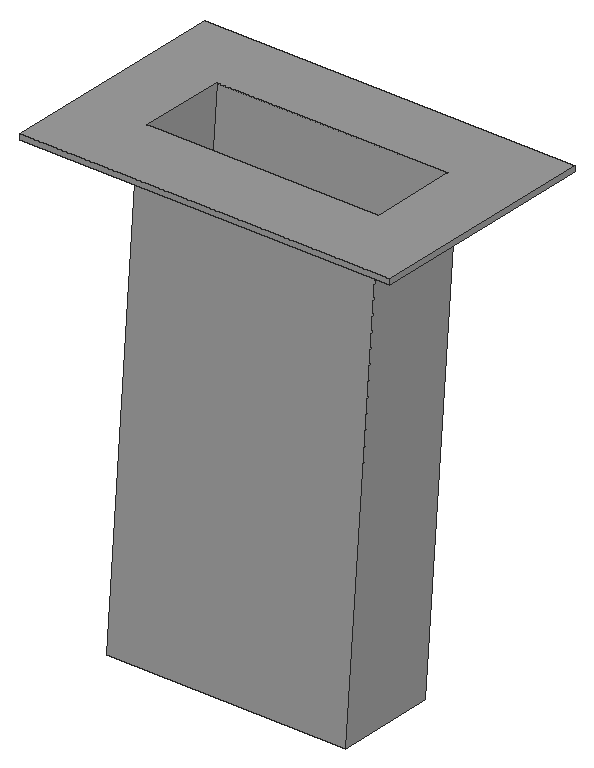
Revit family "Viking Roofspec Scupper 02 M13", category Pipe Fittings, host Face, Revit 2021
Family settings
  Host = Face
  Round Connector Dimension = Use Diameter
  Part Type = Cap
  Cut with Voids When Loaded = Yes
  Shared = No
Parameters (values of type "Scuppers - 200mm x 75mm Overflow")
  URL = "www.vikingroofspec.co.nz"
  Type Comments = "Viking Roofspec 200x75mm overflow scupper IMT105, installed as per manufacturers instructions."
  Model = "IMT105"
  Material = Viking Roofspec - Rubber/PVC Grey
  Manufacturer = "Viking Roofspec"  # constant formula
  Leg Cut Offset = 62.5 mm
  Leg Length Specified [instance] = 389 mm
  Leg Cut Width = 200 mm
  Leg Cut Height = 75 mm
  Flange Cut Width = 5 mm
  Flange Cut Length = 5 mm
  Default Elevation = 0 mm
  Component = IMT105 : IMT105
Reference planes
  plane 1 "Center (Front/Back)": y = 0
  plane 2: z = 0
  plane 3 "Center (Left/Right)": x = 0
  plane 4 "Pipe Connector": z = -116.857
  plane 5: x = -100
  plane 6: x = 100
  plane 7: y = 60.9
  plane 8: y = 135.9
  plane 9: y = -1.6
Forms (mm)
  Extrusion 1, void
    sketch origin (0, 0, 0) x (0, 1, 0) y (0, 0, 1)
      loop
        line (135.9, 0) -> (60.9, 0) -> (26.867, -389) -> (101.867, -389) -> (135.9, 0)
    from -100 to 100
  Extrusion 2, void
    sketch origin (0, 0, 0) x (1, 0, 0) y (0, 0, 1)
      loop
        line (-2.5, 5) -> (-2.5, 0) -> (2.5, 0) -> (2.5, 5) -> (-2.5, 5)
    from 0 to 1.6
Lines and regions (mm)
  reference lines
    curve 1: line (0, 135.9, -389) -> (0, 60.9, -389)
Dimensions and locks
  locked: host face to plane 4 "Pipe Connector" at 116.857
  "Leg Length Specified": plane 2 to curve 1
  equal spacing: plane 5, plane 3 "Center (Left/Right)", plane 6
  "Leg Cut Width": plane 5 to plane 6
  "Leg Cut Offset": plane 9 to plane 7
  "Leg Cut Height": plane 7 to plane 8
  locked: plane 9 to plane 1 "Center (Front/Back)" at 1.6
  equal spacing: Extrusion 2 sketch curve, plane 3 "Center (Left/Right)", Extrusion 2 sketch curve
  "Flange Cut Width": Extrusion 2 sketch curve to Extrusion 2 sketch curve
  "Flange Cut Length": Extrusion 2 sketch curve to host face
  locked: Extrusion 1 sketch curve to level (angle 95.00°)  (x2)
  aligned and locked: plane 2 to host face
  aligned and locked: level to host face
  aligned and locked: level to Extrusion 1 sketch curve
  aligned and locked: plane 7 to Extrusion 1 sketch curve
  aligned and locked: plane 8 to Extrusion 1 sketch curve
  aligned and locked: Extrusion 1 sketch curve to level
  aligned and locked: curve 1 to Extrusion 1 sketch curve
  aligned and locked: plane 8 to curve 1
  aligned and locked: plane 7 to curve 1
  aligned and locked: Extrusion 2 to level
  aligned and locked: plane 6 to Extrusion 1
  aligned and locked: Extrusion 1 to plane 5
Automatic sketch dimensions
  host sketch curve to host sketch curve = 2438.4 mm  (x2)
  Extrusion 2 sketch curve to level = 0 mm
Nested families
  nested 1: "IMT105" at (0, -0.006, 0), Leg Length Specified <- "Leg Length Specified", Material <- "Material", type <- "Component", type "IMT105"
    with Real Leg Length 389 mm, Material Viking Roofspec - Rubber/PVC Grey, Leg Length Specified 389 mm
Definition of nested family "IMT105"
  Parameters (values of type "IMT105")
    Real Leg Length [instance] = if(Leg Length Specified < 100 mm, 100 mm, if(Leg Length Specified > 389 mm, 389 mm, Leg Length Specified))  # 389 mm
    Material [instance] = none
    Manufacturer = "Viking Roofspec"  # constant formula
    Leg Length Specified [instance] = 389 mm
    Default Elevation = 1219.2 mm
  Reference planes
    plane 1 "Center (Front/Back)": y = 0
    plane 2: z = 0
    plane 3 "Center (Left/Right)": x = 0
    plane 4: z = -389
  Forms (mm)
    Extrusion 1, solid, material <- "Material"
      sketch origin (0, 45, -0.006) x (0, 0, -1) y (0, 1, 0)
        loop
          line (-0.006, -45.006) -> (-0.006, 154.994) -> (-5.006, 154.994) -> (-5.006, -45.006) -> (-0.006, -45.006)
      from -160 to 160
    Extrusion 2, solid, material <- "Material"
      sketch origin (0, 45, -0.006) x (0, 0, -1) y (0, 1, 0)
        loop
          line (0, 97.665) -> (0, 12.34) -> (388.994, -21.692) -> (388.994, 63.632) -> (0, 97.665)
      from -103.5 to 103.5
    Extrusion 3, void
      sketch origin (0, 45, -0.006) x (0, 0, -1) y (0, 1, 0)
        loop
          line (388.994, -16.673) -> (388.994, 58.613) -> (-15.006, 93.959) -> (-15.006, 18.672) -> (388.994, -16.673)
      from -100 to 100
  Cuts and joins
    Extrusion 3 cuts Extrusion 1
    Extrusion 3 cuts Extrusion 2
    joined: Extrusion 1, Extrusion 2
  Dimensions and locks
    "Real Leg Length": level to plane 4
    plane 1 "Center (Front/Back)" to Extrusion 2 sketch curve = 142.665 mm
    Extrusion 3 sketch curve to plane 2 = 15 mm
    plane 1 "Center (Front/Back)" to Extrusion 3 sketch curve = 63.672 mm
    plane 1 "Center (Front/Back)" to Extrusion 3 sketch curve = 138.959 mm
    plane 1 "Center (Front/Back)" to Extrusion 2 sketch curve = 57.34 mm
    locked: Extrusion 2 sketch curve to level (angle 95.00°)
    locked: level to Extrusion 2 sketch curve (angle 85.00°)
    locked: Extrusion 3 sketch curve to level (angle 95.00°)
    locked: level to Extrusion 3 sketch curve (angle 85.00°)
    aligned and locked: level to plane 2
    aligned and locked: plane 4 to Extrusion 2
  Automatic sketch dimensions
    Extrusion 1 sketch curve to level = 0 mm
    Extrusion 1 sketch curve to plane 1 "Center (Front/Back)" = 199.994 mm
    Extrusion 1 sketch curve to Extrusion 1 sketch curve = 5 mm
    plane 1 "Center (Front/Back)" to Extrusion 1 sketch curve = 0.006 mm
    plane 4 to Extrusion 3 sketch curve = 0 mm
    plane 4 to Extrusion 2 sketch curve = 0 mm
    Extrusion 2 sketch curve to level = 0.006 mm
